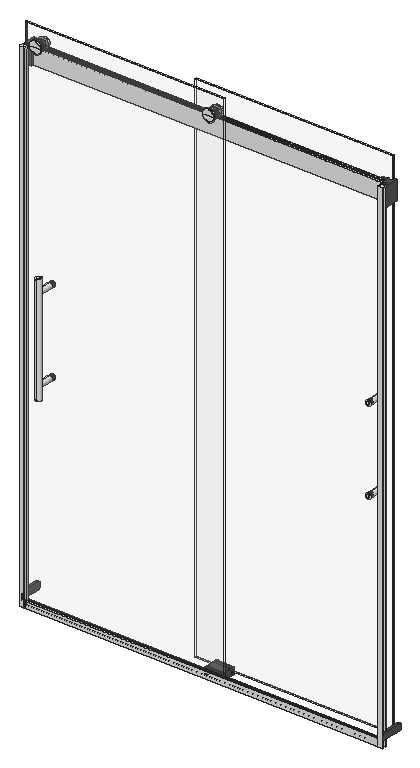
Revit family "Shower-Shower_Door-KOHLER-Levity_Plus-K-702429_1", category Specialty Equipment, host Face, Revit 2022
Family settings
  Host = Face
  Round Connector Dimension = Use Diameter
  Part Type = Normal
  OmniClass Number = 23.31.17.17
  OmniClass Title = Shower Enclosures
  Cut with Voids When Loaded = No
  Maintain Annotation Orientation = No
  Shared = No
  Room Calculation Point = No
Parameters (values of type "SHP-Bright Polished Silver")
  Width [instance] = Walk Thru + 199/256" + 31 81/256"  # 56 169/256"
  WaterSense Certified = 1 = 0  # no
  Walk Thru [instance] = 24 145/256"
  URL = "https://www.us.kohler.com/us/"
  Type = 1
  Product Page URL = "http://www.us.kohler.com/us/catalog/productDetails.jsp?productId=702429-L"
  Product Name = "Levity Plus"  # constant formula
  Product Documentation Link = "https://www.us.kohler.com/webassets/kpna/catalog/pdf/en/K-702429-L_spec_US-CA_Kohler_en.pdf"
  Model = if(Type = 1, "K-702429-L-SHP", if(Type = 2, "K-702429-L-BNK", if(Type = 3, "K-702429-L-BL", if(Type = 4, "K-702429-L-2MB", "NA"))))  # "K-702429-L-SHP"
  Material = "Premium Metal Construction"  # constant formula
  Master Format 2014 Name = "Shower Doors"  # constant formula
  Master Format 2014 = "10 28 19.16"  # constant formula
  Manufacturer Address = "444 Highland Dr, Kohler, WI 53044"  # constant formula
  Manufacturer = "Kohler Co."  # constant formula
  Length = 7 11/128"  # constant formula
  Height = 81 157/256"  # constant formula
  Finish = Kohler-Metal-SHP-Bright_Polished_Silver
  Environmental Product Declaration = ""
  Description = "3/8 SHOWER DOOR 82 X 59 5/8 HANDLE"  # constant formula
  Default Elevation = 4"
  Declare Label = ""
  Date Modified = "03/28/2022"  # constant formula
  Date Created = "03/28/2022"  # constant formula
  Copyright = "Copyright Kohler Co."  # constant formula
  Contact Us = "https://www.us.kohler.com/us/static/contact.jsp"
  Assembly Code = "C1030200"
  ADA Compliant = 1 = 0  # no
Reference planes (in)
  plane 1 "Center (Front/Back)": y = 0
  plane 2: z = 0
  plane 3 "Center (Left/Right)": x = 0
  plane 4: x = 24.56641
  plane 5: y = 4.46313
  plane 6: y = 4.03793
  plane 7: y = -2.62281
  plane 8: y = -2.19042
  plane 9: y = -0.51719
  plane 10: x = 21.27719
  plane 11: x = 23.02719
  plane 12: x = 25.34355
  plane 13: x = -3.9734
  plane 14: x = -1.99865
  plane 15: x = -27.24865
  plane 16: x = -31.3166
  plane 17: x = -28.99865
  plane 18: z = 81.61328
  plane 19: z = 78.82047
  plane 20: z = 78.22835
  plane 21: z = 75.66929
  plane 22: z = 47.95276
  plane 23: z = 45.92665
  plane 24: z = 32.92665
  plane 25: z = 30.94488
Dimensions and locks (in)
  "Walk Thru": plane 4 to plane 3 "Center (Left/Right)"
  "Height": plane 18 to level
  plane 21 to level = 75.66929"
  plane 25 to level = 30.94488"
  plane 22 to plane 25 = 17.00787"
  locked: plane 4 to plane 12 at 0.77715
  locked: plane 11 to plane 4 at 1.53921
  locked: plane 10 to plane 11 at 1.75
  locked: plane 13 to plane 11 at 27.0006
  "Length": plane 7 to plane 5
  "Width": plane 16 to plane 12
  aligned and locked: plane 2 to host face
  aligned and locked: level to host face
  aligned and locked: plane 1 "Center (Front/Back)" to nested 1
  aligned and locked: plane 3 "Center (Left/Right)" to nested 1
  aligned and locked: plane 4 to nested 1
Automatic sketch dimensions
  host sketch curve to host sketch curve = 96"  (x2)
Nested families (in)
  nested 1: "K-702429" at (0, -0.51719, 0), type "K-702429"
Definition of nested family "K-702429"
  Parameters (values of type "K-702429")
    Width = Walk Thru + 0.77559" + 31.31496"  # 56.61811"
    Walk Thru = 24.52756"
    Material = none
    Default Elevation = 0"
  Reference planes (in)
    plane 1 "Center (Front/Back)": y = 0
    plane 2: z = 0
    plane 3 "Center (Left/Right)": x = 0
    plane 4: z = 30.94488
    plane 5: z = 47.95276
    plane 6: x = -31.3134
    plane 7: x = 24.52756
    plane 8: x = 25.30471
    plane 9 "E": x = 21.23835
    plane 10 "B": x = -27.24865
    plane 11: x = -28.99865
    plane 12: x = -1.99865
    plane 13: y = -2.1063
    plane 14: z = 32.92665
    plane 15: z = 45.92665
    plane 16: y = -1.67323
    plane 17 "C": x = 22.98835
    plane 18 "D": x = -4.01225
    plane 19: x = 24.96424
    plane 20 "AB": z = 77.55906
    plane 21: y = 4.98031
    plane 22: y = 4.55512
    plane 23: z = 81.61417
    plane 24: y = 0.51719
    plane 25: z = 75.66929
    plane 26: z = 78.22835
    plane 27: z = 78.82047
  Forms (in)
    Extrusion 1, solid
      sketch origin (0, 0, 0) x (1, 0, 0) y (0, 1, 0)
        loop
          line (-31.3134, 2.37158) -> (-31.3134, 0.38563)
          arc (-31.3134, 0.38563) -> (-31.30418, 0.36336) -> (-31.28191, 0.35413) r 0.0315
          line (-31.28191, 0.35413) -> (-31.02523, 0.35413)
          arc (-31.02523, 0.35413) -> (-31.00295, 0.36336) -> (-30.99373, 0.38563) r 0.0315
          line (-30.99373, 0.38563) -> (-30.99373, 0.85734)
          arc (-30.99373, 0.85734) -> (-30.9845, 0.87961) -> (-30.96223, 0.88884) r 0.0315
          line (-30.96223, 0.88884) -> (-30.36006, 0.88884)
          arc (-30.36006, 0.88884) -> (-30.33857, 0.89774) -> (-30.32966, 0.91923) r 0.03039
          line (-30.32966, 0.91923) -> (-30.32966, 2.02115) -> (-30.99701, 2.02858) -> (-30.99701, 2.37088)
          arc (-30.99701, 2.37088) -> (-31.00624, 2.39315) -> (-31.02851, 2.40237) r 0.0315
          line (-31.02851, 2.40237) -> (-31.28261, 2.40237)
          arc (-31.28261, 2.40237) -> (-31.30439, 2.39336) -> (-31.3134, 2.37158) r 0.03079
      from 75.39408 to 78.39232
    Extrusion 2, solid, material <- "Material", detail levels medium+fine
      sketch origin (0, 0, 0) x (1, 0, 0) y (0, 1, 0)
        loop
          line (-30.99165, 0.20982) -> (-30.99165, -0.20982) -> (-30.79705, -0.20982) -> (-30.79705, -0.27247) -> (-31.25589, -0.27247) -> (-31.25589, -0.30702) -> (-30.6559, -0.32797)
          arc (-30.6559, -0.32797) -> (-30.58047, -0.29901) -> (-30.5489, -0.22464) r 0.10339
          line (-30.5489, -0.22464) -> (-30.5489, 0.22464)
          arc (-30.5489, 0.22464) -> (-30.58047, 0.29901) -> (-30.6559, 0.32797) r 0.10339
          line (-30.6559, 0.32797) -> (-31.25589, 0.30702) -> (-31.25589, 0.27247) -> (-30.79705, 0.27247) -> (-30.79705, 0.20982) -> (-30.99165, 0.20982)
        loop
          line (-31.3134, 0.20982) -> (-31.12433, 0.20982) -> (-31.12433, 0) -> (-31.12433, -0.20982) -> (-31.3134, -0.20982) -> (-31.3134, -0.25253) -> (-31.08302, -0.25253) -> (-31.08302, 0) -> (-31.08302, 0.25253) -> (-31.3134, 0.25253) -> (-31.3134, 0.20982)
      from 0.08036 to 78.33471
    Extrusion 3, solid, material <- "Material", detail levels medium+fine
      sketch origin (0, 0, 0) x (1, 0, 0) y (0, 1, 0)
        loop
          line (-30.6559, 0.32797) -> (-31.25589, 0.30702) -> (-31.25589, 0.25253) -> (-31.3134, 0.25253) -> (-31.3134, -0.25253) -> (-31.25589, -0.25253) -> (-31.25589, -0.30702) -> (-30.6559, -0.32797)
          arc (-30.6559, -0.32797) -> (-30.58047, -0.29901) -> (-30.5489, -0.22464) r 0.10339
          line (-30.5489, -0.22464) -> (-30.5489, 0.22464)
          arc (-30.5489, 0.22464) -> (-30.58047, 0.29901) -> (-30.6559, 0.32797) r 0.10339
      from 78.33471 to 78.40592
    Extrusion 4, solid
      sketch origin (0, 0, 0) x (0, 1, 0) y (0, 0, 1)
        loop
          line (2.917, 2.13263) -> (-0.20982, 2.13263) -> (-0.20982, 1.05663) -> (2.93672, 1.05663)
          arc (2.93672, 1.05663) -> (3.10579, 1.12666) -> (3.17581, 1.29573) r 0.23909
          line (3.17581, 1.29573) -> (3.17581, 1.87382)
          arc (3.17581, 1.87382) -> (3.10001, 2.05683) -> (2.917, 2.13263) r 0.25882
      from -30.99165 to -31.3134
    Extrusion 5, solid, material <- "Material"
      sketch origin (0, 0, 0) x (0, 1, 0) y (0, 0, 1)
        loop
          arc (0, 0.33997) -> (0.03474, 0.38326) -> (0.08453, 0.35871) r 0.04434
          line (0.08453, 0.35871) -> (0.11423, 0.29502)
          arc (0.11423, 0.29502) -> (0.14686, 0.27839) -> (0.17089, 0.30603) r 0.02975
          line (0.17089, 0.30603) -> (0.20017, 0.86474)
          arc (0.20017, 0.86474) -> (0.19197, 0.88698) -> (0.17019, 0.89634) r 0.03002
          line (0.17019, 0.89634) -> (0.02343, 0.89634)
          arc (0.02343, 0.89634) -> (-0.02199, 0.94176) -> (0.02343, 0.98718) r 0.04542
          line (0.02343, 0.98718) -> (0.19567, 0.98718)
          arc (0.19567, 0.98718) -> (0.19347, 1.02749) -> (0.15814, 1.04703) r 0.04169
          line (0.15814, 1.04703) -> (-0.19878, 1.04703) -> (-0.19878, 0) -> (0.49474, 0) -> (0.49474, 0.07959) -> (0.14319, 0.07959)
          arc (0.14319, 0.07959) -> (0.04194, 0.12153) -> (0, 0.22278) r 0.14319
          line (0, 0.22278) -> (0, 0.33997)
        loop
          line (0.53901, 0.96058) -> (0.10163, 0.96058)
          arc (0.10163, 0.96058) -> (0.08163, 0.94058) -> (0.10163, 0.92059) r 0.01999
          line (0.10163, 0.92059) -> (0.53901, 0.92059)
          arc (0.53901, 0.92059) -> (0.559, 0.94058) -> (0.53901, 0.96058) r 0.01999
      from -30.99165 to 24.52756
    Revolve 6, solid, material <- "Material", detail levels medium+fine
      sketch origin (27, 0, 78.82047) x (0, -1, 0) y (1, 0, 0)
        loop
          line (0.14044, -28.99865) -> (-1.79905, -28.99865) -> (-1.79905, -29.69269) -> (-1.43263, -29.69269) -> (-1.43263, -29.74488)
          arc (-1.43263, -29.74488) -> (-1.24562, -29.80339) -> (-1.05861, -29.74488) r 0.32812
          line (-1.05861, -29.74488) -> (-1.05861, -29.53477) -> (-0.92215, -29.53477) -> (-0.92215, -29.73162) -> (-0.7253, -29.73162) -> (-0.7253, -29.46245) -> (-0.36761, -29.46245) -> (-0.36761, -29.6593) -> (-0.06827, -29.6593) -> (-0.06827, -29.89414) -> (-0.02811, -29.93431) -> (0.09751, -29.93431) -> (0.14044, -29.89138) -> (0.14044, -28.99865)
        axis (0.14044, -28.99865) -> (-1.79905, -28.99865)
      angle from 0 to 360
    Revolve 7, solid, material <- "Material", detail levels medium+fine
      sketch origin (0, 0, 78.82047) x (0, -1, 0) y (1, 0, 0)
        loop
          line (0.14044, -28.99865) -> (-1.79905, -28.99865) -> (-1.79905, -29.69269) -> (-1.43263, -29.69269) -> (-1.43263, -29.74488)
          arc (-1.43263, -29.74488) -> (-1.24562, -29.80339) -> (-1.05861, -29.74488) r 0.32812
          line (-1.05861, -29.74488) -> (-1.05861, -29.53477) -> (-0.92215, -29.53477) -> (-0.92215, -29.73162) -> (-0.7253, -29.73162) -> (-0.7253, -29.46245) -> (-0.36761, -29.46245) -> (-0.36761, -29.6593) -> (-0.06827, -29.6593) -> (-0.06827, -29.89414) -> (-0.02811, -29.93431) -> (0.09751, -29.93431) -> (0.14044, -29.89138) -> (0.14044, -28.99865)
        axis (0.14044, -28.99865) -> (-1.79905, -28.99865)
      angle from 0 to 360
    Extrusion 8, solid, material <- "Material", detail levels medium+fine
      sketch origin (0, 0, 4.05512) x (0, 1, 0) y (0, 0, 1)
        loop
          line (0.97838, 74.09449) -> (0.97838, 71.53543) -> (1.85747, 71.53543)
          arc (1.85747, 71.53543) -> (1.9, 71.55305) -> (1.91761, 71.59558) r 0.06014
          line (1.91761, 71.59558) -> (1.91761, 71.86685)
          arc (1.91761, 71.86685) -> (1.89894, 71.92322) -> (1.85029, 71.95728) r 0.0944
          line (1.85029, 71.95728) -> (1.85029, 71.88022) -> (1.65621, 71.78388) -> (1.38912, 71.90889) -> (1.38912, 73.51607)
          arc (1.38912, 73.51607) -> (1.41101, 73.5689) -> (1.46384, 73.59079) r 0.07472
          line (1.46384, 73.59079) -> (1.84605, 73.59079) -> (1.84605, 73.41713) -> (1.8957, 73.41713)
          arc (1.8957, 73.41713) -> (1.91735, 73.42609) -> (1.92632, 73.44774) r 0.03062
          line (1.92632, 73.44774) -> (1.92632, 74.04029)
          arc (1.92632, 74.04029) -> (1.91044, 74.07861) -> (1.87212, 74.09449) r 0.0542
          line (1.87212, 74.09449) -> (1.69975, 74.09449) -> (1.69975, 74.01045) -> (1.81407, 74.01045)
          arc (1.81407, 74.01045) -> (1.84489, 73.99768) -> (1.85765, 73.96686) r 0.04358
          line (1.85765, 73.96686) -> (1.85765, 73.8136) -> (1.31287, 73.8136) -> (1.31287, 73.88222) -> (1.44737, 73.94211) -> (1.44737, 73.98613)
          arc (1.44737, 73.98613) -> (1.43926, 74.00107) -> (1.42231, 74.0024) r 0.01781
          line (1.42231, 74.0024) -> (1.24538, 73.92362) -> (1.04592, 74.01243) -> (1.04592, 74.07466)
          arc (1.04592, 74.07466) -> (1.04011, 74.08868) -> (1.02609, 74.09449) r 0.01983
          line (1.02609, 74.09449) -> (0.97838, 74.09449)
      from -30.58824 to 24.52756
    Extrusion 9, solid
      sketch origin (0, 0, 74.76536) x (0, -1, 0) y (1, 0, 0)
        loop
          line (-0.70719, -0.03936) -> (-0.70719, -30.91436) -> (-0.64469, -30.97686) -> (-0.38969, -30.97686) -> (-0.32719, -30.91436) -> (-0.32719, -0.03936) -> (-0.38969, 0.02314) -> (-0.64469, 0.02314) -> (-0.70719, -0.03936)
      from 6.84882 to -74.04521
    Extrusion 10, solid
      sketch origin (0, 0, 0) x (0, 1, 0) y (0, 0, 1)
        loop
          line (2.79395, 0) -> (2.73913, 1.04611)
          arc (2.73913, 1.04611) -> (2.73201, 1.06155) -> (2.71622, 1.06785) r 0.02294
          line (2.71622, 1.06785) -> (2.58256, 1.06785)
          arc (2.58256, 1.06785) -> (2.56781, 1.06181) -> (2.56152, 1.04717) r 0.02105
          line (2.56152, 1.04717) -> (2.54725, 0.22974)
          arc (2.54725, 0.22974) -> (2.52045, 0.16735) -> (2.45761, 0.14164) r 0.08966
          line (2.45761, 0.14164) -> (2.27292, 0.14164)
          arc (2.27292, 0.14164) -> (2.21358, 0.16532) -> (2.18684, 0.22333) r 0.0862
          line (2.18684, 0.22333) -> (2.14487, 1.02412)
          arc (2.14487, 1.02412) -> (2.13055, 1.05518) -> (2.09879, 1.06785) r 0.04614
          line (2.09879, 1.06785) -> (1.06637, 1.06785)
          arc (1.06637, 1.06785) -> (1.03461, 1.05518) -> (1.02029, 1.02412) r 0.04614
          line (1.02029, 1.02412) -> (0.97833, 0.22333)
          arc (0.97833, 0.22333) -> (0.95158, 0.16532) -> (0.89225, 0.14164) r 0.0862
          line (0.89225, 0.14164) -> (0.70755, 0.14164)
          arc (0.70755, 0.14164) -> (0.64471, 0.16735) -> (0.61791, 0.22974) r 0.08966
          line (0.61791, 0.22974) -> (0.60364, 1.04717)
          arc (0.60364, 1.04717) -> (0.59735, 1.06181) -> (0.5826, 1.06785) r 0.02105
          line (0.5826, 1.06785) -> (0.30693, 1.06785) -> (0.30693, 0.16201) -> (0.47604, 0.16201)
          arc (0.47604, 0.16201) -> (0.50033, 0.15195) -> (0.51039, 0.12766) r 0.03435
          line (0.51039, 0.12766) -> (0.51039, 0.08994)
          arc (0.51039, 0.08994) -> (0.52098, 0.06032) -> (0.54793, 0.04411) r 0.04675
          arc (0.54793, 0.04411) -> (0.76846, 0.01105) -> (0.99117, 0) r 2.24921
          line (0.99117, 0) -> (2.79395, 0)
      from -3.12027 to -0.34077
    Revolve 11, solid, material <- "Material"
      sketch origin (-27.24865, 0, -13) x (0, 1, 0) y (0, 0, 1)
        loop
          line (0.4133, 46.30165) -> (-1.49923, 46.30165) -> (-1.49923, 45.92665) -> (1.02083, 45.92665) -> (1.02083, 46.29349)
          arc (1.02083, 46.29349) -> (1.01123, 46.31665) -> (0.98807, 46.32625) r 0.03275
          line (0.98807, 46.32625) -> (0.79735, 46.32625)
          arc (0.79735, 46.32625) -> (0.7725, 46.31596) -> (0.76221, 46.29111) r 0.03514
          line (0.76221, 46.29111) -> (0.76221, 46.17665) -> (0.4133, 46.17665) -> (0.4133, 46.30165)
        axis (1.02083, 45.92665) -> (-1.49923, 45.92665)
      angle from 0 to 360
    Revolve 12, solid, material <- "Material", detail levels medium+fine
      sketch origin (-27.24865, 0, 0) x (0, 1, 0) y (0, 0, 1)
        loop
          line (-1.67323, 47.95276) -> (-2.05116, 47.95276) -> (-2.1063, 47.89762) -> (-2.1063, 30.99482) -> (-2.05637, 30.94488) -> (-1.67323, 30.94488) -> (-1.67323, 47.95276)
        axis (-1.67323, 30.94488) -> (-1.67323, 47.95276)
      angle from 0 to 360
    Revolve 13, solid, material <- "Material"
      sketch origin (-4.01225, 0, 4.05512) x (0, 0, -1) y (0, -1, 0)
        loop
          line (-73.55511, -2.99093) -> (-73.51433, -3.03171) -> (-72.61552, -3.03171) -> (-72.61552, -1.91129) -> (-73.35161, -1.91129) -> (-73.35161, -2.16793) -> (-73.2217, -2.16793) -> (-73.2217, -2.52933) -> (-73.27972, -2.52933) -> (-73.27972, -2.82297) -> (-73.51347, -2.82297) -> (-73.55511, -2.86461) -> (-73.55511, -2.99093)
        axis (-72.61552, -1.91129) -> (-72.61552, -3.03171)
      angle from 0 to 360
    Revolve 14, solid, material <- "Material"
      sketch origin (22.98835, 0, 4.05512) x (0, 0, -1) y (0, -1, 0)
        loop
          line (-73.55511, -2.99093) -> (-73.51433, -3.03171) -> (-72.61552, -3.03171) -> (-72.61552, -1.91129) -> (-73.35161, -1.91129) -> (-73.35161, -2.16793) -> (-73.2217, -2.16793) -> (-73.2217, -2.52933) -> (-73.27972, -2.52933) -> (-73.27972, -2.82297) -> (-73.51347, -2.82297) -> (-73.55511, -2.86461) -> (-73.55511, -2.99093)
        axis (-72.61552, -1.91129) -> (-72.61552, -3.03171)
      angle from 0 to 360
    Revolve 15, solid, material <- "Material", detail levels medium+fine
      sketch origin (21.23835, -0.02461, 0) x (0, 0, 1) y (0, -1, 0)
        loop
          line (46.30165, -2.50574) -> (46.17665, -2.50574) -> (46.17665, -2.15684) -> (46.29111, -2.15684)
          arc (46.29111, -2.15684) -> (46.31596, -2.14654) -> (46.32625, -2.1217) r 0.03514
          line (46.32625, -2.1217) -> (46.32625, -1.93098)
          arc (46.32625, -1.93098) -> (46.31665, -1.90781) -> (46.29349, -1.89822) r 0.03275
          line (46.29349, -1.89822) -> (45.92665, -1.89822) -> (45.92665, -4.50988) -> (46.30165, -4.50988) -> (46.30165, -2.50574)
        axis (45.92665, -1.89822) -> (45.92665, -4.50988)
      angle from 0 to 360
    Revolve 16, solid, material <- "Material", detail levels medium+fine
      sketch origin (21.23835, -0.02461, -13) x (0, 0, 1) y (0, -1, 0)
        loop
          line (46.30165, -2.50454) -> (46.17665, -2.50454) -> (46.17665, -2.15684) -> (46.29111, -2.15684)
          arc (46.29111, -2.15684) -> (46.31596, -2.14654) -> (46.32625, -2.1217) r 0.03514
          line (46.32625, -2.1217) -> (46.32625, -1.93098)
          arc (46.32625, -1.93098) -> (46.31665, -1.90781) -> (46.29349, -1.89822) r 0.03275
          line (46.29349, -1.89822) -> (45.92665, -1.89822) -> (45.92665, -4.50988) -> (46.30165, -4.50988) -> (46.30165, -2.50454)
        axis (45.92665, -1.89822) -> (45.92665, -4.50988)
      angle from 0 to 360
    Revolve 17, solid, material <- "Material", detail levels medium+fine
      sketch origin (21.23835, 0, 0) x (0, 0, 1) y (0, -1, 0)
        loop
          line (47.95276, -4.55512) -> (30.94488, -4.55512) -> (30.94488, -4.94882) -> (30.97605, -4.97999) -> (47.91638, -4.97999) -> (47.95276, -4.94362) -> (47.95276, -4.55512)
        axis (30.94488, -4.55512) -> (47.95276, -4.55512)
      angle from 0 to 360
    Extrusion 18, solid
      sketch origin (0, 0, 78.82047) x (0, -1, 0) y (1, 0, 0)
        loop
          line (-2.40428, 25.30471) -> (-2.40428, 25.10325)
          arc (-2.40428, 25.10325) -> (-2.37444, 25.03121) -> (-2.30241, 25.00137) r 0.10187
          line (-2.30241, 25.00137) -> (-2.09932, 25.00137)
          arc (-2.09932, 25.00137) -> (-2.03657, 24.97538) -> (-2.01058, 24.91264) r 0.08874
          line (-2.01058, 24.91264) -> (-2.01058, 24.37646)
          arc (-2.01058, 24.37646) -> (-1.99255, 24.33292) -> (-1.949, 24.31488) r 0.06158
          line (-1.949, 24.31488) -> (-0.96774, 24.31488)
          arc (-0.96774, 24.31488) -> (-0.9202, 24.33457) -> (-0.90051, 24.38212) r 0.06723
          line (-0.90051, 24.38212) -> (-0.90051, 24.89203)
          arc (-0.90051, 24.89203) -> (-0.8829, 24.93455) -> (-0.84038, 24.95216) r 0.06013
          line (-0.84038, 24.95216) -> (-0.37453, 24.95216)
          arc (-0.37453, 24.95216) -> (-0.34132, 24.96592) -> (-0.32756, 24.99913) r 0.04697
          line (-0.32756, 24.99913) -> (-0.32756, 25.30471) -> (-2.40428, 25.30471)
      from -0.4295 to -3.42639
    Extrusion 19, solid
      sketch origin (0, 0, 0) x (0, 1, 0) y (0, 0, -1)
        loop
          arc (2.917, -2.13263) -> (3.10001, -2.05683) -> (3.17581, -1.87382) r 0.25882
          line (3.17581, -1.87382) -> (3.17581, -1.29573)
          arc (3.17581, -1.29573) -> (3.10579, -1.12666) -> (2.93672, -1.05663) r 0.23909
          line (2.93672, -1.05663) -> (-0.23901, -1.05663) -> (-0.23901, -2.13263) -> (2.917, -2.13263)
      from -24.96424 to -25.30471
    Extrusion 20, solid, material <- "Material"
      sketch origin (0, 0, 74.76536) x (0, -1, 0) y (1, 0, 0)
        loop
          line (-0.32756, 24.52756) -> (0.31775, 24.52756) -> (0.31775, 25.30471) -> (0.23901, 25.30471) -> (0.23901, 24.6063) -> (-0.24882, 24.6063) -> (-0.24882, 25.30471) -> (-0.32756, 25.30471) -> (-0.32756, 24.52756)
      from -74.68499 to 3.51691
    Extrusion 21, solid, material <- "Material"
      sketch origin (0, 0, 0) x (1, 0, 0) y (0, 1, 0)
        loop
          line (25.30471, 0.32756) -> (24.52756, 0.32756) -> (24.52756, -0.31775) -> (25.30471, -0.31775) -> (25.30471, 0.32756)
      from 78.28227 to 78.39098
    Extrusion 22, solid
      sketch origin (0, 0, 74.76536) x (0, -1, 0) y (1, 0, 0)
        loop
          line (-2.21232, 24.96424) -> (-2.46732, 24.96424) -> (-2.52982, 24.90174) -> (-2.52982, -5.92736) -> (-2.46732, -5.98986) -> (-2.21232, -5.98986) -> (-2.14982, -5.92736) -> (-2.14982, 24.90174) -> (-2.21232, 24.96424)
      from -74.06077 to 6.84882
    Revolve 23, solid, material <- "Material"
      sketch origin (-27.24865, 0, 0) x (0, 1, 0) y (0, 0, 1)
        loop
          line (0.4133, 46.30165) -> (-1.49923, 46.30165) -> (-1.49923, 45.92665) -> (1.02083, 45.92665) -> (1.02083, 46.29349)
          arc (1.02083, 46.29349) -> (1.01123, 46.31665) -> (0.98807, 46.32625) r 0.03275
          line (0.98807, 46.32625) -> (0.79735, 46.32625)
          arc (0.79735, 46.32625) -> (0.7725, 46.31596) -> (0.76221, 46.29111) r 0.03514
          line (0.76221, 46.29111) -> (0.76221, 46.17665) -> (0.4133, 46.17665) -> (0.4133, 46.30165)
        axis (1.02083, 45.92665) -> (-1.49923, 45.92665)
      angle from 0 to 360
    Extrusion 24, solid, material <- "Material", detail levels coarse
      sketch origin (0, 0, 74.76536) x (0, -1, 0) y (1, 0, 0)
        loop
          line (-0.32797, -30.5489) -> (-0.32797, -31.3134) -> (0.32797, -31.3134) -> (0.32797, -30.5489) -> (-0.32797, -30.5489)
      from -74.68499 to 3.64057
    Revolve 25, solid, material <- "Material", detail levels coarse
      sketch origin (0, 0, 78.82047) x (0, -1, 0) y (1, 0, 0)
        loop
          line (0.14044, -28.99865) -> (-1.79905, -28.99865) -> (-1.79905, -29.69269) -> (-1.43263, -29.69269) -> (-1.43263, -29.74488) -> (-1.05861, -29.74488) -> (-1.05861, -29.53477) -> (-0.92215, -29.53477) -> (-0.92215, -29.73162) -> (-0.7253, -29.73162) -> (-0.7253, -29.6593) -> (-0.06827, -29.6593) -> (-0.06827, -29.93431) -> (0.14044, -29.93431) -> (0.14044, -28.99865)
        axis (-1.79905, -28.99865) -> (0.14044, -28.99865)
      angle from 0 to 360
    Revolve 26, solid, material <- "Material", detail levels coarse
      sketch origin (27, 0, 78.82047) x (0, -1, 0) y (1, 0, 0)
        loop
          line (0.14044, -28.99865) -> (-1.79905, -28.99865) -> (-1.79905, -29.69269) -> (-1.43263, -29.69269) -> (-1.43263, -29.74488) -> (-1.05861, -29.74488) -> (-1.05861, -29.53477) -> (-0.92215, -29.53477) -> (-0.92215, -29.73162) -> (-0.7253, -29.73162) -> (-0.7253, -29.6593) -> (-0.06827, -29.6593) -> (-0.06827, -29.93431) -> (0.14044, -29.93431) -> (0.14044, -28.99865)
        axis (-1.79905, -28.99865) -> (0.14044, -28.99865)
      angle from 0 to 360
    Extrusion 27, solid, material <- "Material", detail levels coarse
      sketch origin (0, 0, 0) x (1, 0, 0) y (0, 0, 1)
        loop
          circle (-27.24865, 45.92665) r 0.3937
        loop
          circle (-27.24865, 32.92665) r 0.3937
      from -1.02039 to 1.5837
    Extrusion 28, solid, material <- "Material", detail levels coarse
      sketch origin (0, 0, 74.76536) x (0, -1, 0) y (1, 0, 0)
        loop
          circle (1.67323, -27.24865) r 0.44363
      from -26.8126 to -43.82047
    Revolve 29, solid, material <- "Material", detail levels coarse
      sketch origin (21.23835, 0, 0) x (0, 0, 1) y (0, -1, 0)
        loop
          line (45.92665, -1.87284) -> (45.92665, -4.47693) -> (46.30165, -4.47693) -> (46.30165, -1.87284) -> (45.92665, -1.87284)
        axis (45.92665, -1.87284) -> (45.92665, -4.47693)
      angle from 0 to 360
    Revolve 30, solid, material <- "Material", detail levels coarse
      sketch origin (21.23835, 0, 0) x (0, 0, 1) y (0, -1, 0)
        loop
          line (32.92665, -1.87284) -> (32.92665, -4.47693) -> (33.30165, -4.47693) -> (33.30165, -1.87284) -> (32.92665, -1.87284)
        axis (32.92665, -1.87284) -> (32.92665, -4.47693)
      angle from 0 to 360
    Extrusion 31, solid, material <- "Material", detail levels coarse
      sketch origin (0, 0, 4.05512) x (0, 1, 0) y (0, 0, 1)
        loop
          line (0.97838, 74.09449) -> (0.97838, 71.53543) -> (1.92632, 71.53543) -> (1.92632, 74.09449) -> (0.97838, 74.09449)
      from -30.5489 to 24.52756
    Revolve 32, solid, material <- "Material", detail levels coarse
      sketch origin (21.23835, 0, 0) x (0, 0, 1) y (0, -1, 0)
        loop
          line (47.95276, -4.97999) -> (47.95276, -4.55512) -> (30.94488, -4.55512) -> (30.94488, -4.97999) -> (47.95276, -4.97999)
        axis (30.94488, -4.55512) -> (47.95276, -4.55512)
      angle from 0 to 360
  Cuts and joins
    joined: Extrusion 2, Extrusion 3
    joined: Extrusion 20, Extrusion 21
  Lines and regions (in)
    Masking region 1
      outline origin (22.98835, 0, 0) x (0, 0, -1) y (0, -1, 0)
        loop
          line (-81.61417, -0.32719) -> (-81.61417, -0.70719) -> (-79.55344, -0.70719) -> (-79.55344, -0.92215) -> (-79.35659, -0.92215) -> (-79.35659, -1.05861) -> (-79.5667, -1.05861)
          arc (-79.5667, -1.05861) -> (-79.62864, -1.24562) -> (-79.5667, -1.43263) r 0.31327
          line (-79.5667, -1.43263) -> (-79.51451, -1.43263) -> (-79.51451, -1.79905) -> (-78.36942, -1.79905) -> (-78.36942, -2.14982) -> (-81.61417, -2.14982) -> (-81.61417, -2.52982) -> (-77.33483, -2.52982) -> (-77.33483, -2.82297) -> (-77.56858, -2.82297) -> (-77.61023, -2.86461) -> (-77.61023, -2.99093) -> (-77.56945, -3.03171) -> (-75.77183, -3.03171) -> (-75.73105, -2.99093) -> (-75.73105, -2.86461) -> (-75.7727, -2.82297) -> (-76.00645, -2.82297) -> (-76.00645, -2.52982) -> (-46.30165, -2.52982) -> (-46.30165, -4.13058) -> (-47.91638, -4.13058) -> (-47.95276, -4.16695) -> (-47.95276, -4.94394) -> (-47.91638, -4.98031) -> (-30.97605, -4.98031) -> (-30.94488, -4.94915) -> (-30.94488, -4.16174) -> (-30.97605, -4.13058) -> (-32.55165, -4.13058) -> (-32.55165, -2.52982) -> (-2.13263, -2.52982) -> (-2.13263, -2.917)
          arc (-2.13263, -2.917) -> (-2.05683, -3.10001) -> (-1.87382, -3.17581) r 0.25882
          line (-1.87382, -3.17581) -> (-1.29573, -3.17581)
          arc (-1.29573, -3.17581) -> (-1.12666, -3.10579) -> (-1.05663, -2.93672) r 0.23909
          line (-1.05663, -2.93672) -> (-1.05663, -2.73858) -> (0, -2.79395) -> (0, -0.99117)
          arc (0, -0.99117) -> (-0.01105, -0.76846) -> (-0.04411, -0.54793) r 2.24921
          arc (-0.04411, -0.54793) -> (-0.06032, -0.52098) -> (-0.08994, -0.51039) r 0.04675
          line (-0.08994, -0.51039) -> (-0.12766, -0.51039)
          arc (-0.12766, -0.51039) -> (-0.15195, -0.50033) -> (-0.16201, -0.47604) r 0.03435
          line (-0.16201, -0.47604) -> (-0.16201, -0.32756) -> (-0.07959, -0.32756) -> (-0.07959, -0.49474) -> (0, -0.49474) -> (0, 0.19878) -> (-0.08036, 0.19878) -> (-0.08036, 0.32803) -> (-32.55165, 0.32803) -> (-32.55165, 1.22959) -> (-30.99482, 1.22959) -> (-30.94488, 1.27953) -> (-30.94488, 2.05637) -> (-30.99482, 2.1063) -> (-47.89762, 2.1063) -> (-47.95276, 2.05116) -> (-47.95276, 1.28473) -> (-47.89762, 1.22959) -> (-46.30165, 1.22959) -> (-46.30165, 0.32803) -> (-78.40592, 0.32803) -> (-78.40592, 0.14044) -> (-79.7132, 0.14044) -> (-79.75617, 0.09747) -> (-79.75617, -0.02728) -> (-79.71518, -0.06827) -> (-79.48112, -0.06827) -> (-79.48112, -0.32719) -> (-81.61417, -0.32719)
        loop
          line (-33.30165, 0.32803) -> (-33.30165, 1.22959) -> (-45.55165, 1.22959) -> (-45.55165, 0.32803) -> (-33.30165, 0.32803)
        loop
          arc (-0.22974, -2.54725) -> (-0.16735, -2.52045) -> (-0.14164, -2.45761) r 0.08966
          line (-0.14164, -2.45761) -> (-0.14164, -2.27292)
          arc (-0.14164, -2.27292) -> (-0.16532, -2.21358) -> (-0.22333, -2.18684) r 0.0862
          line (-0.22333, -2.18684) -> (-0.70459, -2.16162) -> (-0.70459, -2.52982) -> (-1.05663, -2.52982) -> (-1.05663, -2.56169) -> (-0.22974, -2.54725)
        loop
          arc (-0.22333, -0.97833) -> (-0.16532, -0.95158) -> (-0.14164, -0.89225) r 0.0862
          line (-0.14164, -0.89225) -> (-0.14164, -0.70755)
          arc (-0.14164, -0.70755) -> (-0.16735, -0.64471) -> (-0.22974, -0.61791) r 0.08966
          line (-0.22974, -0.61791) -> (-0.72015, -0.60935) -> (-0.72015, -0.70719) -> (-1.05663, -0.70719) -> (-1.05663, -1.03622)
          arc (-1.05663, -1.03622) -> (-1.04201, -1.02494) -> (-1.02412, -1.02029) r 0.04614
          line (-1.02412, -1.02029) -> (-0.22333, -0.97833)
        loop
          line (-2.13263, -0.70719) -> (-32.67714, -0.70719) -> (-32.67714, -0.76221) -> (-32.56157, -0.76221)
          arc (-32.56157, -0.76221) -> (-32.53754, -0.77217) -> (-32.52758, -0.7962) r 0.03399
          line (-32.52758, -0.7962) -> (-32.52758, -0.98906)
          arc (-32.52758, -0.98906) -> (-32.53676, -1.01121) -> (-32.55891, -1.02039) r 0.03133
          line (-32.55891, -1.02039) -> (-32.92665, -1.02039) -> (-33.29438, -1.02039)
          arc (-33.29438, -1.02039) -> (-33.31654, -1.01121) -> (-33.32571, -0.98906) r 0.03133
          line (-33.32571, -0.98906) -> (-33.32571, -0.7962)
          arc (-33.32571, -0.7962) -> (-33.31576, -0.77217) -> (-33.29173, -0.76221) r 0.03399
          line (-33.29173, -0.76221) -> (-33.17615, -0.76221) -> (-33.17615, -0.70719) -> (-45.67714, -0.70719) -> (-45.67714, -0.76221) -> (-45.56157, -0.76221)
          arc (-45.56157, -0.76221) -> (-45.53754, -0.77217) -> (-45.52758, -0.7962) r 0.03399
          line (-45.52758, -0.7962) -> (-45.52758, -0.98906)
          arc (-45.52758, -0.98906) -> (-45.53676, -1.01121) -> (-45.55891, -1.02039) r 0.03133
          line (-45.55891, -1.02039) -> (-45.92665, -1.02039) -> (-46.29438, -1.02039)
          arc (-46.29438, -1.02039) -> (-46.31654, -1.01121) -> (-46.32571, -0.98906) r 0.03133
          line (-46.32571, -0.98906) -> (-46.32571, -0.7962)
          arc (-46.32571, -0.7962) -> (-46.31576, -0.77217) -> (-46.29173, -0.76221) r 0.03399
          line (-46.29173, -0.76221) -> (-46.17615, -0.76221) -> (-46.17615, -0.70719) -> (-75.39553, -0.70719) -> (-75.39553, -2.14982) -> (-46.29173, -2.14982)
          arc (-46.29173, -2.14982) -> (-46.31576, -2.13986) -> (-46.32571, -2.11583) r 0.03399
          line (-46.32571, -2.11583) -> (-46.32571, -1.90418)
          arc (-46.32571, -1.90418) -> (-46.31654, -1.88202) -> (-46.29438, -1.87284) r 0.03133
          line (-46.29438, -1.87284) -> (-45.92665, -1.87284) -> (-45.55891, -1.87284)
          arc (-45.55891, -1.87284) -> (-45.53676, -1.88202) -> (-45.52758, -1.90418) r 0.03133
          line (-45.52758, -1.90418) -> (-45.52758, -2.11583)
          arc (-45.52758, -2.11583) -> (-45.53754, -2.13986) -> (-45.56157, -2.14982) r 0.03399
          line (-45.56157, -2.14982) -> (-33.29173, -2.14982)
          arc (-33.29173, -2.14982) -> (-33.31576, -2.13986) -> (-33.32571, -2.11583) r 0.03399
          line (-33.32571, -2.11583) -> (-33.32571, -1.90418)
          arc (-33.32571, -1.90418) -> (-33.31654, -1.88202) -> (-33.29438, -1.87284) r 0.03133
          line (-33.29438, -1.87284) -> (-32.92665, -1.87284) -> (-32.55891, -1.87284)
          arc (-32.55891, -1.87284) -> (-32.53676, -1.88202) -> (-32.52758, -1.90418) r 0.03133
          line (-32.52758, -1.90418) -> (-32.52758, -2.11583)
          arc (-32.52758, -2.11583) -> (-32.53754, -2.13986) -> (-32.56157, -2.14982) r 0.03399
          line (-32.56157, -2.14982) -> (-2.13263, -2.14982) -> (-2.13263, -0.70719)
        loop
          line (-33.30165, -4.13058) -> (-33.30165, -2.52982) -> (-45.55165, -2.52982) -> (-45.55165, -4.13058) -> (-33.30165, -4.13058)
    Masking region 2
      outline origin (0, 0, 0) x (1, 0, 0) y (0, 0, 1)
        loop
          line (-30.99192, 81.61417) -> (-30.99192, 78.40592) -> (-31.3134, 78.40592) -> (-31.3134, 0.08036) -> (-30.99165, 0.08036) -> (-30.99165, 0) -> (24.52756, 0) -> (24.52756, 0.07959) -> (25.30471, 0.07959) -> (25.30471, 78.39098) -> (24.96424, 78.39098) -> (24.96424, 81.61417) -> (-30.99192, 81.61417)
    Masking region 3
      outline origin (0, 0, 0) x (1, 0, 0) y (0, 1, 0)
        loop
          line (-31.3134, 3.17581) -> (-31.3134, -0.32797) -> (-30.5489, -0.32797) -> (-30.5489, -0.19878) -> (-27.62342, -0.19878) -> (-27.62342, -1.43582)
          arc (-27.62342, -1.43582) -> (-27.24865, -2.11686) -> (-26.87389, -1.43582) r 0.44363
          line (-26.87389, -1.43582) -> (-26.87389, -0.19878) -> (24.52756, -0.19878) -> (24.52756, -0.31775) -> (25.30471, -0.31775) -> (25.30471, 3.17581) -> (24.96424, 3.17581) -> (24.96424, 2.02713)
          arc (24.96424, 2.02713) -> (24.93973, 2.01482) -> (24.91264, 2.01058) r 0.08874
          line (24.91264, 2.01058) -> (24.37646, 2.01058)
          arc (24.37646, 2.01058) -> (24.32557, 1.98368) -> (24.31915, 1.92648) r 0.06158
          line (24.31915, 1.92648) -> (-0.34077, 1.92648) -> (-0.34077, 2.79395) -> (-3.12027, 2.79395) -> (-3.12027, 1.92648) -> (-30.32966, 1.92648) -> (-30.32966, 2.02115) -> (-30.99165, 2.02852) -> (-30.99165, 3.17581) -> (-31.3134, 3.17581)
        loop
          line (-30.36006, 0.88884) -> (-30.96198, 0.88884)
          arc (-30.96198, 0.88884) -> (-30.98312, 0.88008) -> (-30.99187, 0.85894) r 0.0299
          line (-30.99187, 0.85894) -> (-30.99187, 0.60183) -> (-30.97686, 0.56058) -> (-30.97686, 0.64469) -> (-30.91436, 0.70719) -> (-29.73162, 0.70719) -> (-29.73162, 0.92215) -> (-29.53477, 0.92215) -> (-29.53477, 0.97838) -> (-30.32966, 0.97838) -> (-30.32966, 0.91923)
          arc (-30.32966, 0.91923) -> (-30.33857, 0.89774) -> (-30.36006, 0.88884) r 0.03039
        loop
          line (-28.26569, 0.92215) -> (-28.26569, 0.70719) -> (-27.49865, 0.70719) -> (-27.49865, 0.76221) -> (-27.61099, 0.76221)
          arc (-27.61099, 0.76221) -> (-27.63752, 0.7732) -> (-27.64851, 0.79973) r 0.03752
          line (-27.64851, 0.79973) -> (-27.64851, 0.97838) -> (-28.46254, 0.97838) -> (-28.46254, 0.92215) -> (-28.26569, 0.92215)
        loop
          line (-3.12027, 0.97838) -> (-26.8488, 0.97838) -> (-26.8488, 0.79973)
          arc (-26.8488, 0.79973) -> (-26.85979, 0.7732) -> (-26.88632, 0.76221) r 0.03752
          line (-26.88632, 0.76221) -> (-26.99865, 0.76221) -> (-26.99865, 0.70719) -> (-3.12027, 0.70719) -> (-3.12027, 0.97838)
        loop
          line (24.31573, 0.97838) -> (-0.34077, 0.97838) -> (-0.34077, 0.70719) -> (-0.03936, 0.70719) -> (0.02314, 0.64469) -> (0.02314, 0.5592) -> (24.52756, 0.5592) -> (24.52756, 0.32756) -> (24.99913, 0.32756)
          arc (24.99913, 0.32756) -> (24.96592, 0.34132) -> (24.95216, 0.37453) r 0.04697
          line (24.95216, 0.37453) -> (24.95216, 0.84038)
          arc (24.95216, 0.84038) -> (24.93455, 0.8829) -> (24.89203, 0.90051) r 0.06013
          line (24.89203, 0.90051) -> (24.38212, 0.90051)
          arc (24.38212, 0.90051) -> (24.33095, 0.92412) -> (24.31573, 0.97838) r 0.06723
    Masking region 4
      outline origin (0, 0, 74.76536) x (0, -1, 0) y (1, 0, 0)
        loop
          line (-3.03171, -4.91105) -> (-2.99102, -4.95175) -> (-2.86452, -4.95175) -> (-2.82297, -4.91019) -> (-2.82297, -4.67644) -> (-2.52982, -4.67644) -> (-2.52982, -5.92736) -> (-2.46732, -5.98986) -> (-2.21232, -5.98986) -> (-2.14982, -5.92736) -> (-2.14982, -4.74834) -> (-1.92667, -4.74834) -> (-1.92667, -4.01225) -> (-1.92667, -3.27616) -> (-2.14982, -3.27616) -> (-2.14982, 20.87037)
          arc (-2.14982, 20.87037) -> (-2.14076, 20.84851) -> (-2.11891, 20.83946) r 0.03091
          line (-2.11891, 20.83946) -> (-1.92738, 20.83946) -> (-1.92738, 21.23835) -> (-1.92738, 21.63723) -> (-2.11891, 21.63723)
          arc (-2.11891, 21.63723) -> (-2.14076, 21.62818) -> (-2.14982, 21.60632) r 0.03091
          line (-2.14982, 21.60632) -> (-2.14982, 22.25226) -> (-1.92738, 22.25226) -> (-1.92738, 23.72444) -> (-2.14982, 23.72444) -> (-2.14982, 24.90174) -> (-2.21232, 24.96424) -> (-2.46732, 24.96424) -> (-2.52982, 24.90174) -> (-2.52982, 23.65254) -> (-2.82297, 23.65254) -> (-2.82297, 23.88629) -> (-2.86527, 23.9286) -> (-2.99027, 23.9286) -> (-3.03171, 23.88715) -> (-3.03171, 22.98835) -> (-3.03171, 22.08954) -> (-2.99027, 22.04809) -> (-2.86527, 22.04809) -> (-2.82297, 22.0904) -> (-2.82297, 22.32415) -> (-2.52982, 22.32415) -> (-2.52982, 21.61289) -> (-4.35487, 21.61289)
          arc (-4.35487, 21.61289) -> (-4.77373, 21.60285) -> (-4.98031, 21.23835) r 0.42487
          arc (-4.98031, 21.23835) -> (-4.77373, 20.87384) -> (-4.35487, 20.8638) r 0.42487
          line (-4.35487, 20.8638) -> (-2.52982, 20.8638) -> (-2.52982, -3.34806) -> (-2.82297, -3.34806) -> (-2.82297, -3.11431) -> (-2.86452, -3.07276) -> (-2.99102, -3.07276) -> (-3.03171, -3.11345) -> (-3.03171, -4.01225) -> (-3.03171, -4.91105)
    symbolic lines, detail levels medium+fine
      curve 1: line (22.98835, 1.79905, 78.36942) -> (22.98835, 0.4133, 78.36942)
      curve 2: line (22.98835, 1.43263, 79.51451) -> (22.98835, 1.43263, 78.36942)
      curve 3: line (22.98835, 1.05861, 79.35659) -> (22.98835, 1.05861, 78.36942)
      curve 4: line (22.98835, 0.92215, 79.35659) -> (22.98835, 0.92215, 78.36942)
      curve 5: line (22.98835, 0.70719, 79.55344) -> (22.98835, 0.70719, 78.36942)
      curve 6: line (22.98835, -0.20325, 78.40592) -> (22.98835, 0.32756, 78.40592)
      curve 7: line (22.98835, 0.06827, 79.48112) -> (22.98835, 0.06827, 78.40592)
      curve 8: line (22.98835, -0.09747, 79.75617) -> (22.98835, -0.09747, 78.40592)
      curve 9: line (22.98835, 0.02728, 79.75617) -> (22.98835, 0.02728, 78.40592)
      curve 10: line (22.98835, 2.14982, 75.39553) -> (22.98835, 2.40237, 75.39553)
      curve 11: line (22.98835, 2.40237, 75.39553) -> (22.98835, 2.40237, 78.36942)
      curve 12: line (22.98835, 2.82297, 76.00645) -> (22.98835, 2.82297, 77.33483)
      curve 13: line (22.98835, 2.52982, 76.00396) -> (22.98835, 2.52982, 77.33483)
      curve 14: line (22.98835, 2.86461, 75.73105) -> (22.98835, 2.86461, 77.61023)
      curve 15: line (22.98835, 2.99093, 77.61023) -> (22.98835, 2.99093, 75.73105)
      curve 16: line (22.98835, 2.07035, 78.36942) -> (22.98835, 2.40237, 78.36942)
      curve 17: line (22.98835, 0.7253, 75.39553) -> (22.98835, 0.32756, 75.39553)
      curve 18: line (22.98835, 0.32756, 75.39553) -> (22.98835, 0.32756, 78.40592)
      curve 19: line (22.98835, 0.4133, 78.36942) -> (22.98835, 0.35413, 78.36942)
      curve 20: line (22.98835, 0.35413, 78.36942) -> (22.98835, 0.35413, 75.39553)
      curve 21: line (22.98835, -0.20982, 78.33261) -> (22.98835, -0.20982, 0.08036)
      curve 22: line (22.98835, 0.25253, 78.33261) -> (22.98835, -0.27247, 78.33261)
      curve 23: line (22.98835, 0.20982, 0.08036) -> (22.98835, 0.20982, 78.33261)
      curve 24: line (22.98835, 0.25253, 0.08036) -> (22.98835, 0.25253, 78.33261)
      curve 25: line (22.98835, -0.27247, 78.33261) -> (22.98835, -0.27247, 0.08036)
      curve 26: line (22.98835, -0.32803, 46.30165) -> (22.98835, -0.32803, 45.55165)
      curve 27: line (22.98835, 0.76221, 46.17615) -> (22.98835, 0.76221, 45.67714)
      curve 28: line (22.98835, 0.70719, 46.17615) -> (22.98835, 0.70719, 45.67714)
      curve 29: arc (22.98835, -1.22959, 46.30165) -> (22.98835, -1.40872, 45.92665) -> (22.98835, -1.22959, 45.55165) r 0.4821
      curve 30: line (22.98835, 0.76221, 32.67714) -> (22.98835, 0.76221, 33.17615)
      curve 31: line (22.98835, 0.70719, 33.17615) -> (22.98835, 0.70719, 32.67714)
      curve 32: line (22.98835, -0.32803, 33.30165) -> (22.98835, -0.32803, 32.55165)
      curve 33: arc (22.98835, -1.22959, 33.30165) -> (22.98835, -1.39739, 32.92665) -> (22.98835, -1.22959, 32.55165) r 0.50293
      curve 34: line (22.98835, -1.22959, 30.99482) -> (22.98835, -2.1063, 30.99482)
      curve 35: line (22.98835, -1.22959, 47.89762) -> (22.98835, -2.1063, 47.89762)
      curve 36: line (22.98835, 2.52982, 46.30165) -> (22.98835, 2.52982, 45.55165)
      curve 37: line (22.98835, 4.98031, 47.91638) -> (22.98835, 4.13025, 47.91638)
      curve 38: arc (22.98835, 4.13058, 45.55165) -> (22.98835, 4.30628, 45.92665) -> (22.98835, 4.13058, 46.30165) r 0.48802
      curve 39: line (22.98835, 2.52982, 32.55165) -> (22.98835, 2.52982, 33.30165)
      curve 40: line (22.98835, 4.97999, 30.97605) -> (22.98835, 4.13025, 30.97605)
      curve 41: arc (22.98835, 4.13058, 32.55165) -> (22.98835, 4.31063, 32.92665) -> (22.98835, 4.13058, 33.30165) r 0.48053
      curve 42: line (22.98835, 2.73858, 1.05663) -> (22.98835, 2.56169, 1.05663)
      curve 43: line (22.98835, 2.61103, 1.05663) -> (22.98835, 1.03622, 1.05663)
      curve 44: line (22.98835, 2.14982, 0.70459) -> (22.98835, 2.14982, 1.05663)
      curve 45: line (22.98835, 0.60935, 0.72015) -> (22.98835, 0.32719, 0.72015)
      curve 46: line (22.98835, 0.4133, 0.72015) -> (22.98835, 0.4133, 1.05663)
      curve 47: line (22.98835, -0.20982, 0.08036) -> (22.98835, 0.32803, 0.08036)
      curve 48: line (22.98835, 2.52982, 2.13263) -> (22.98835, 2.14982, 2.13263)
      curve 49: line (22.98835, 0.7253, 2.13263) -> (22.98835, 0.25253, 2.13263)
      curve 50: line (22.98835, 0.7253, 1.05663) -> (22.98835, 0.25253, 1.05663)
      curve 51: line (22.98835, 0.30693, 1.05663) -> (22.98835, 0.30693, 0.08036)
      curve 52: line (-30.99192, 0, 78.40592) -> (-30.5489, 0, 78.40592)
      curve 53: line (-30.5489, 0, 78.40592) -> (-30.5489, 0, 0.08036)
      curve 54: line (-30.99165, 0, 0.08036) -> (-30.5489, 0, 0.08036)
      curve 55: line (-30.5489, 0, 1.04703) -> (24.52756, 0, 1.04703)
      curve 56: circle (-28.99865, 0, 78.82047) r 0.93903 normal (0, -1, 0)
      curve 57: circle (-28.99865, 0, 78.82047) r 0.89273 normal (0, -1, 0)
      curve 58: circle (-1.99865, 0, 78.82047) r 0.93903 normal (0, -1, 0)
      curve 59: circle (-1.99865, 0, 78.82047) r 0.89273 normal (0, -1, 0)
      curve 60: line (-27.24865, 0, 47.89762) -> (-27.69301, 0, 47.89762)
      curve 61: line (-27.69301, 0, 47.89762) -> (-27.63787, 0, 47.95276)
      curve 62: line (-27.69301, 0, 47.89762) -> (-27.69301, 0, 30.99529)
      curve 63: line (-27.69301, 0, 30.99529) -> (-27.6426, 0, 30.94488)
      curve 64: line (-27.6426, 0, 30.94488) -> (-27.24865, 0, 30.94488)
      curve 65: line (-27.69301, 0, 30.99529) -> (-27.24865, 0, 30.99529)
      curve 66: line (-27.63787, 0, 47.95276) -> (-27.24865, 0, 47.95276)
      curve 67: line (-27.24865, 0, 47.89762) -> (-26.8043, 0, 47.89762)
      curve 68: line (-26.8043, 0, 47.89762) -> (-26.85944, 0, 47.95276)
      curve 69: line (-26.8043, 0, 47.89762) -> (-26.8043, 0, 30.99529)
      curve 70: line (-26.8043, 0, 30.99529) -> (-26.85471, 0, 30.94488)
      curve 71: line (-26.85471, 0, 30.94488) -> (-27.24865, 0, 30.94488)
      curve 72: line (-26.8043, 0, 30.99529) -> (-27.24865, 0, 30.99529)
      curve 73: line (-26.85944, 0, 47.95276) -> (-27.24865, 0, 47.95276)
      curve 74: line (0.02314, 0, 81.61417) -> (0, 0, 1.04703)
      curve 75: line (24.96424, 0, 78.39098) -> (24.31488, 0, 78.39098)
      curve 76: line (24.31488, 0, 78.39098) -> (24.31488, 0, 75.39408)
      curve 77: line (24.31488, 0, 75.39408) -> (24.52756, 0, 75.39408)
      curve 78: line (24.52756, 0, 78.28227) -> (24.52756, 0, 0.07959)
      curve 79: line (24.52756, 0, 78.28227) -> (25.30471, 0, 78.28227)
      curve 80: line (0.02217, 0, 78.22835) -> (24.31488, 0, 78.22835)
      curve 81: line (0.02143, 0, 75.66929) -> (24.31488, 0, 75.66929)
      curve 82: circle (21.23835, 0, 45.92665) r 0.3937 normal (0, -1, 0)
      curve 83: circle (21.23835, 0, 32.92665) r 0.3937 normal (0, -1, 0)
      curve 84: line (-30.32966, 0.97838, 74.76536) -> (-30.32966, 1.92648, 74.76536)
      curve 85: line (-31.28261, 2.40237, 74.76536) -> (-31.02851, 2.40237, 74.76536)
      curve 86: arc (-31.31306, 2.37617, 74.76536) -> (-31.3027, 2.39492, 74.76536) -> (-31.28261, 2.40237, 74.76536) r 0.03079
      curve 87: arc (-31.02851, 2.40237, 74.76536) -> (-31.00611, 2.39539, 74.76536) -> (-30.99165, 2.37691, 74.76536) r 0.0394
      curve 88: line (-31.02523, 0.35413, 74.76536) -> (-31.28191, 0.35413, 74.76536)
      curve 89: arc (-31.3134, 0.38563, 74.76536) -> (-31.30418, 0.36336, 74.76536) -> (-31.28191, 0.35413, 74.76536) r 0.0315
      curve 90: arc (-30.99187, 0.38146, 74.76536) -> (-31.00367, 0.36184, 74.76536) -> (-31.02523, 0.35413, 74.76536) r 0.03402
      curve 91: line (-30.99187, 0.60183, 74.76536) -> (-30.99187, 0.38146, 74.76536)
      curve 92: line (-30.5489, -0.19878, 74.76536) -> (-30.5489, 0.32797, 74.76536)
      curve 93: line (-28.30462, 1.79905, 74.76536) -> (-29.69269, 1.79905, 74.76536)
      curve 94: line (-29.69269, 1.79905, 74.76536) -> (-29.69269, 1.43263, 74.76536)
      curve 95: line (-29.69269, 1.43263, 74.76536) -> (-29.74488, 1.43263, 74.76536)
      curve 96: line (-29.74488, 1.05861, 74.76536) -> (-29.53477, 1.05861, 74.76536)
      curve 97: arc (-29.74488, 1.05861, 74.76536) -> (-29.80642, 1.24562, 74.76536) -> (-29.74488, 1.43263, 74.76536) r 0.31489
      curve 98: line (-29.53477, 1.05861, 74.76536) -> (-29.53477, 0.97838, 74.76536)
      curve 99: line (-28.30462, 1.79905, 74.76536) -> (-28.30462, 1.43263, 74.76536)
      curve 100: line (-28.30462, 1.43263, 74.76536) -> (-28.25243, 1.43263, 74.76536)
      curve 101: line (-28.25243, 1.05861, 74.76536) -> (-28.46254, 1.05861, 74.76536)
      curve 102: arc (-28.25243, 1.05861, 74.76536) -> (-28.19089, 1.24562, 74.76536) -> (-28.25243, 1.43263, 74.76536) r 0.31489
      curve 103: line (-28.46254, 1.05861, 74.76536) -> (-28.46254, 0.97838, 74.76536)
      curve 104: line (-28.99865, -0.14044, 74.76536) -> (-29.89138, -0.14044, 74.76536)
      curve 105: line (-29.93431, -0.09751, 74.76536) -> (-29.93431, 0.02811, 74.76536)
      curve 106: line (-29.89414, 0.06827, 74.76536) -> (-29.6593, 0.06827, 74.76536)
      curve 107: line (-29.6593, 0.06827, 74.76536) -> (-29.6593, 0.33026, 74.76536)
      curve 108: line (-29.89138, -0.14044, 74.76536) -> (-29.93431, -0.09751, 74.76536)
      curve 109: line (-29.93431, 0.02811, 74.76536) -> (-29.89414, 0.06827, 74.76536)
      curve 110: line (-28.99865, -0.14044, 74.76536) -> (-28.10593, -0.14044, 74.76536)
      curve 111: line (-28.063, -0.09751, 74.76536) -> (-28.063, 0.02811, 74.76536)
      curve 112: line (-28.10317, 0.06827, 74.76536) -> (-28.338, 0.06827, 74.76536)
      curve 113: line (-28.338, 0.06827, 74.76536) -> (-28.338, 0.33026, 74.76536)
      curve 114: line (-28.10593, -0.14044, 74.76536) -> (-28.063, -0.09751, 74.76536)
      curve 115: line (-28.063, 0.02811, 74.76536) -> (-28.10317, 0.06827, 74.76536)
      curve 116: line (-29.69269, 1.43263, 74.76536) -> (-28.30462, 1.43263, 74.76536)
      curve 117: line (-29.53477, 1.05861, 74.76536) -> (-28.46254, 1.05861, 74.76536)
      curve 118: line (-29.53477, 0.92215, 74.76536) -> (-28.46254, 0.92215, 74.76536)
      curve 119: line (-29.73162, 0.70719, 74.76536) -> (-28.26569, 0.70719, 74.76536)
      curve 120: line (-29.6593, 0.06827, 74.76536) -> (-28.338, 0.06827, 74.76536)
      curve 121: line (-29.93431, 0.02811, 74.76536) -> (-28.063, 0.02811, 74.76536)
      curve 122: line (-29.93431, -0.09751, 74.76536) -> (-28.063, -0.09751, 74.76536)
      curve 123: line (-27.64851, 0.97838, 74.76536) -> (-26.8488, 0.97838, 74.76536)
      curve 124: line (-27.49865, 0.70719, 74.76536) -> (-26.99865, 0.70719, 74.76536)
      curve 125: line (-27.49865, 0.76221, 74.76536) -> (-26.99865, 0.76221, 74.76536)
      curve 126: line (-27.62342, -0.19878, 74.76536) -> (-27.62342, 0.33026, 74.76536)
      curve 127: line (-26.87389, -0.19878, 74.76536) -> (-26.87389, 0.33026, 74.76536)
      curve 128: line (24.31833, 1.69975, 74.76536) -> (-1.30462, 1.69975, 74.76536)
      curve 129: line (-30.32966, 1.24538, 74.76536) -> (-29.80642, 1.24538, 74.76536)
      curve 130: line (-30.32966, 1.44737, 74.76536) -> (-29.6832, 1.44737, 74.76536)
      curve 131: line (-30.32966, 1.04592, 74.76536) -> (-29.53477, 1.04592, 74.76536)
      curve 132: line (-29.69269, 1.69975, 74.76536) -> (-30.32966, 1.69975, 74.76536)
      curve 133: line (-28.30462, 1.44737, 74.76536) -> (-2.69269, 1.44737, 74.76536)
      curve 134: line (-28.19089, 1.24538, 74.76536) -> (-2.80642, 1.24538, 74.76536)
      curve 135: line (-28.46254, 1.04592, 74.76536) -> (-2.53477, 1.04592, 74.76536)
      curve 136: arc (-27.62342, -1.43582, 74.76536) -> (-27.24865, -1.22959, 74.76536) -> (-26.87389, -1.43582, 74.76536) r 0.44363
      curve 137: circle (-27.24865, -1.67323, 74.76536) r 0.3885 normal (0, 0, 1)
      curve 138: line (-30.5489, 0.18164, 74.76536) -> (-29.6593, 0.18164, 74.76536)
      curve 139: line (-27.62342, 0.18164, 74.76536) -> (-28.338, 0.18164, 74.76536)
      curve 140: line (-26.87389, 0.18164, 74.76536) -> (-2.6593, 0.18164, 74.76536)
      curve 141: line (-1.30462, 1.79905, 74.76536) -> (-2.69269, 1.79905, 74.76536)
      curve 142: line (-2.69269, 1.79905, 74.76536) -> (-2.69269, 1.43263, 74.76536)
      curve 143: line (-2.69269, 1.43263, 74.76536) -> (-2.74488, 1.43263, 74.76536)
      curve 144: line (-2.74488, 1.05861, 74.76536) -> (-2.53477, 1.05861, 74.76536)
      curve 145: arc (-2.74488, 1.05861, 74.76536) -> (-2.80642, 1.24562, 74.76536) -> (-2.74488, 1.43263, 74.76536) r 0.31489
      curve 146: line (-2.53477, 1.05861, 74.76536) -> (-2.53477, 0.92215, 74.76536)
      curve 147: line (-1.30462, 1.79905, 74.76536) -> (-1.30462, 1.43263, 74.76536)
      curve 148: line (-1.30462, 1.43263, 74.76536) -> (-1.25243, 1.43263, 74.76536)
      curve 149: line (-1.25243, 1.05861, 74.76536) -> (-1.46254, 1.05861, 74.76536)
      curve 150: arc (-1.25243, 1.05861, 74.76536) -> (-1.19089, 1.24562, 74.76536) -> (-1.25243, 1.43263, 74.76536) r 0.31489
      curve 151: line (-1.46254, 1.05861, 74.76536) -> (-1.46254, 0.92215, 74.76536)
      curve 152: line (-1.99865, -0.14044, 74.76536) -> (-2.89138, -0.14044, 74.76536)
      curve 153: line (-2.93431, -0.09751, 74.76536) -> (-2.93431, 0.02811, 74.76536)
      curve 154: line (-2.89414, 0.06827, 74.76536) -> (-2.6593, 0.06827, 74.76536)
      curve 155: line (-2.6593, 0.06827, 74.76536) -> (-2.6593, 0.33026, 74.76536)
      curve 156: line (-2.89138, -0.14044, 74.76536) -> (-2.93431, -0.09751, 74.76536)
      curve 157: line (-2.93431, 0.02811, 74.76536) -> (-2.89414, 0.06827, 74.76536)
      curve 158: line (-1.99865, -0.14044, 74.76536) -> (-1.10593, -0.14044, 74.76536)
      curve 159: line (-1.063, -0.09751, 74.76536) -> (-1.063, 0.02811, 74.76536)
      curve 160: line (-1.10317, 0.06827, 74.76536) -> (-1.338, 0.06827, 74.76536)
      curve 161: line (-1.338, 0.06827, 74.76536) -> (-1.338, 0.33026, 74.76536)
      curve 162: line (-1.10593, -0.14044, 74.76536) -> (-1.063, -0.09751, 74.76536)
      curve 163: line (-1.063, 0.02811, 74.76536) -> (-1.10317, 0.06827, 74.76536)
      curve 164: line (-2.69269, 1.43263, 74.76536) -> (-1.30462, 1.43263, 74.76536)
      curve 165: line (-2.53477, 1.05861, 74.76536) -> (-1.46254, 1.05861, 74.76536)
      curve 166: line (-2.73162, 0.92215, 74.76536) -> (-2.53477, 0.92215, 74.76536)
      curve 167: line (-3.12027, 0.70719, 74.76536) -> (-0.34077, 0.70719, 74.76536)
      curve 168: line (-2.6593, 0.06827, 74.76536) -> (-1.338, 0.06827, 74.76536)
      curve 169: line (-2.93431, 0.02811, 74.76536) -> (-1.063, 0.02811, 74.76536)
      curve 170: line (-2.93431, -0.09751, 74.76536) -> (-1.063, -0.09751, 74.76536)
      curve 171: line (-2.73162, 0.92215, 74.76536) -> (-2.73162, 0.70719, 74.76536)
      curve 172: line (-1.26569, 0.92215, 74.76536) -> (-1.46254, 0.92215, 74.76536)
      curve 173: line (-1.26569, 0.92215, 74.76536) -> (-1.26569, 0.70719, 74.76536)
      curve 174: line (-2.69269, 1.69975, 74.76536) -> (-28.30462, 1.69975, 74.76536)
      curve 175: line (-1.30462, 1.44737, 74.76536) -> (24.31742, 1.44737, 74.76536)
      curve 176: line (-1.19089, 1.24538, 74.76536) -> (24.31669, 1.24538, 74.76536)
      curve 177: line (-1.45669, 1.04592, 74.76536) -> (24.31597, 1.04592, 74.76536)
      curve 178: line (-2.53477, 0.92215, 74.76536) -> (-1.46254, 0.92215, 74.76536)
      curve 179: line (-3.12027, 1.92648, 74.76536) -> (-0.34077, 1.92648, 74.76536)
      curve 180: line (24.52756, 0.18164, 74.76536) -> (-1.338, 0.18164, 74.76536)
      curve 181: line (24.52756, -0.19878, 74.76536) -> (24.52756, 0.32756, 74.76536)
      curve 182: line (24.31915, 1.92648, 74.76536) -> (24.31573, 0.97838, 74.76536)
      curve 183: line (25.10325, 2.40428, 74.76536) -> (25.30471, 2.40428, 74.76536)
      curve 184: arc (25.10325, 2.40428, 74.76536) -> (25.03121, 2.37444, 74.76536) -> (25.00137, 2.30241, 74.76536) r 0.10187
      curve 185: line (25.00137, 2.09932, 74.76536) -> (25.00137, 2.30241, 74.76536)
      curve 186: arc (24.96424, 2.02713, 74.76536) -> (24.99155, 2.05873, 74.76536) -> (25.00137, 2.09932, 74.76536) r 0.08874
      curve 187: line (24.99913, 0.32756, 74.76536) -> (25.30471, 0.32756, 74.76536)
      curve 188: line (-0.34077, 0.97838, 74.76536) -> (-1.46254, 0.97838, 74.76536)
      curve 189: line (-3.12027, 0.97838, 74.76536) -> (-2.53477, 0.97838, 74.76536)
      curve 190: line (-4.67644, 2.82297, 74.76536) -> (-3.34806, 2.82297, 74.76536)
      curve 191: line (-4.67644, 2.52982, 74.76536) -> (-3.34806, 2.52982, 74.76536)
      curve 192: line (-4.95175, 2.86452, 74.76536) -> (-3.07276, 2.86452, 74.76536)
      curve 193: line (-3.07276, 2.99102, 74.76536) -> (-4.95175, 2.99102, 74.76536)
      curve 194: line (-4.74834, 2.14982, 74.76536) -> (-3.27616, 2.14982, 74.76536)
      curve 195: line (20.83946, 2.10762, 74.76536) -> (21.63723, 2.10762, 74.76536)
      curve 196: line (20.83946, 2.14982, 74.76536) -> (21.63723, 2.14982, 74.76536)
      curve 197: line (20.8638, 2.52982, 74.76536) -> (21.61289, 2.52982, 74.76536)
      curve 198: circle (21.23835, 4.55545, 74.76536) r 0.3885 normal (0, 0, 1)
      curve 199: arc (20.8638, 4.35487, 74.76536) -> (21.23835, 4.13058, 74.76536) -> (21.61289, 4.35487, 74.76536) r 0.42487
      curve 200: line (22.32415, 2.82297, 74.76536) -> (23.65254, 2.82297, 74.76536)
      curve 201: line (22.32415, 2.52982, 74.76536) -> (23.65254, 2.52982, 74.76536)
      curve 202: line (22.04809, 2.99027, 74.76536) -> (23.9286, 2.99027, 74.76536)
      curve 203: line (22.04809, 2.86527, 74.76536) -> (23.9286, 2.86527, 74.76536)
      curve 204: line (22.25226, 2.14982, 74.76536) -> (23.72444, 2.14982, 74.76536)
      curve 205: line (-2.58618, 1.92648, 74.76536) -> (-0.34077, 1.92648, 74.76536)
      curve 206: line (-3.12027, 2.58256, 74.76536) -> (-0.34077, 2.58256, 74.76536)
      curve 207: line (-3.12027, 2.09879, 74.76536) -> (-0.34077, 2.09879, 74.76536)
      curve 208: line (-31.3134, 0.32797, 74.76536) -> (-30.5489, 0.32797, 74.76536)
      curve 209: line (-0.03628, 0.33026, 74.76536) -> (-30.91743, 0.33026, 74.76536)
      curve 210: line (-30.91743, 0.33026, 74.76536) -> (-30.97686, 0.38969, 74.76536)
      curve 211: line (-30.97686, 0.38969, 74.76536) -> (-30.97686, 0.56058, 74.76536)
      curve 212: line (0.02314, 0.38969, 74.76536) -> (-0.03628, 0.33026, 74.76536)
      curve 213: line (0.02314, 0.38969, 74.76536) -> (0.02314, 0.5592, 74.76536)
      curve 214: line (21.23835, 2.14982, 0.70459) -> (21.23835, 2.20396, 0.70459)
      curve 215: line (21.23835, 2.14982, 32.56157) -> (21.23835, 2.14982, 33.29173)
